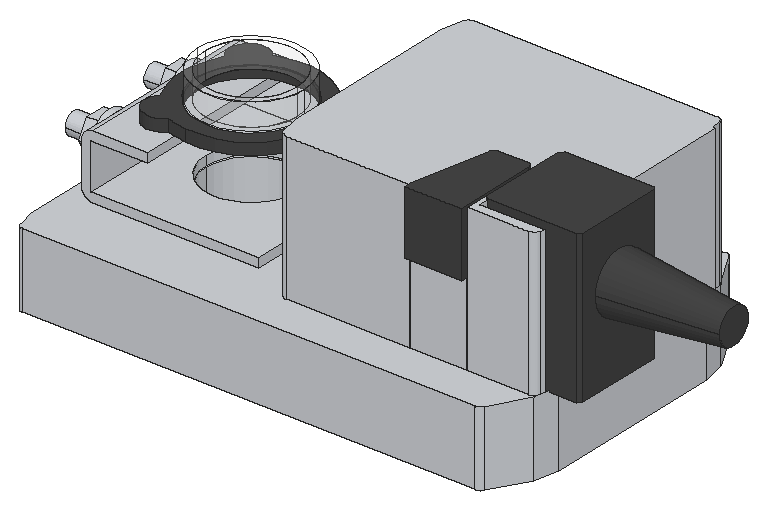
Revit family "ダンパ操作器", category Electrical Equipment, Revit 2022
Family settings
  Panel Configuration = Two Columns, Circuits Across
  Round Connector Dimension = Use Diameter
  Part Type = Panelboard
  Work Plane-Based = No
  Always vertical = Yes
  Cut with Voids When Loaded = No
  Maintain Annotation Orientation = No
  Shared = No
  Room Calculation Point = No
Parameters
  直径 [instance] = 10 mm
  Default Elevation = 0 mm
  ダクトφ [instance] = 25.998 mm
Reference planes
  plane 1 "中心(正面/背面)": y = 0
  plane 2: z = 0
  plane 3 "中心(左/右)": x = 0
Forms (mm)
  Extrusion 1, solid
    sketch origin (0, 0, 0) x (1, 0, 0) y (0, 1, 0)
      loop
        line (99.773, 44.001) -> (-26.936, 44.001)
        arc (-26.936, 44.001) -> (-28.194, 43.556) -> (-28.892, 42.419) r 1.998
        line (-28.892, 42.419) -> (-30, 37.202) -> (-30, -37.198) -> (-28.892, -42.414)
        arc (-28.892, -42.414) -> (-28.428, -43.534) -> (-27.308, -43.998) r 1.584
        line (-27.308, -43.998) -> (99.693, -43.998)
        arc (99.693, -43.998) -> (100.892, -43.676) -> (101.771, -42.798) r 2.399
        line (101.771, -42.798) -> (107.554, -32.781) -> (109.005, -25.953) -> (109.005, 25.958) -> (107.554, 32.785) -> (101.771, 42.803)
        arc (101.771, 42.803) -> (100.927, 43.66) -> (99.773, 44.001) r 2.399
    from 0 to 21
  Extrusion 2, solid
    sketch origin (0, 250.898, 0) x (1, 0, 0) y (0, 1, 0)
      loop
        line (105.888, -217.394) -> (37.647, -217.394)
        arc (37.647, -217.394) -> (36.389, -217.839) -> (35.692, -218.977) r 1.999
        line (35.692, -218.977) -> (34.406, -225.023) -> (34.406, -275.754) -> (35.692, -281.8)
        arc (35.692, -281.8) -> (36.389, -282.938) -> (37.647, -283.383) r 1.999
        line (37.647, -283.383) -> (72.327, -283.383) -> (76.964, -261.569)
        arc (76.964, -261.569) -> (77.662, -260.433) -> (78.92, -259.988) r 2
        line (78.92, -259.988) -> (86.4, -259.988)
        arc (86.4, -259.988) -> (87.814, -260.574) -> (88.4, -261.988) r 2
        line (88.4, -261.988) -> (88.4, -283.383) -> (105.888, -283.383)
        arc (105.888, -283.383) -> (107.146, -282.938) -> (107.844, -281.8) r 1.999
        line (107.844, -281.8) -> (108.082, -280.681) -> (89.897, -280.681) -> (89.897, -251.681) -> (108.998, -251.681) -> (108.998, -222.079) -> (108.37, -221.451) -> (107.855, -218.975)
        arc (107.855, -218.975) -> (107.155, -217.832) -> (105.888, -217.394) r 1.986
    from 21 to 62
  Extrusion 3, solid, material "プラスチック"
    sketch origin (0, 250.898, 0) x (1, 0, 0) y (0, 1, 0)
      loop
        line (90.298, -278.688) -> (91.298, -279.688) -> (116.298, -279.688) -> (117.298, -278.689) -> (117.298, -253.688) -> (116.298, -252.688) -> (91.298, -252.688) -> (90.298, -253.688) -> (90.298, -278.688)
    from 21 to 63.4
  Blend 4, solid, material "プラスチック"
    base sketch origin (-132.702, 454.065, 0) x (0, 1, 0) y (0, 0, 1)
      loop
        circle (-469.356, 45.9) r 5
    top sketch origin (0, 454.065, 0) x (0, 1, 0) y (0, 0, 1)
      loop
        circle (-469.356, 45.9) r 8.433
    from 282.301 to 117.298
  Extrusion 5, solid, material "プラスチック"
    sketch origin (0, 250.898, 0) x (1, 0, 0) y (0, 1, 0)
      loop
        arc (78.92, -259.988) -> (77.662, -260.433) -> (76.964, -261.569) r 2
        line (76.964, -261.569) -> (72.4, -283.041) -> (72.4, -285.21) -> (88.4, -285.21) -> (88.4, -261.988)
        arc (88.4, -261.988) -> (87.814, -260.574) -> (86.4, -259.988) r 2
        line (86.4, -259.988) -> (78.92, -259.988)
    from 44.334 to 62.4
  Extrusion 6, solid
    sketch origin (0, 250.898, 0) x (1, 0, 0) y (0, 1, 0)
      loop
        arc (78.913, -259.888) -> (77.511, -260.293) -> (76.724, -261.522) r 2.071
        line (76.724, -261.522) -> (72.327, -283.383) -> (88.483, -283.383) -> (88.639, -261.988)
        arc (88.639, -261.988) -> (87.983, -260.405) -> (86.401, -259.75) r 2.238
        line (86.401, -259.75) -> (78.913, -259.888)
    from 21 to 44.334
  Extrusion 7, solid, material "プラスチック(クリア)"
    sketch origin (0, 2.375, 0) x (1, 0, 0) y (0, 1, 0)
      loop
        circle (0, 0) r 15
      loop
        circle (-0.001, 0) r 13
    from 42.9 to 50.45
  Extrusion 8, solid, material "プラスチック"
    sketch origin (0, 252.763, 0) x (1, 0, 0) y (0, 1, 0)
      loop
        arc (-8.884, -232.019) -> (-16.303, -231.549) -> (-16.755, -238.969) r 5.25
        line (-16.755, -238.969) -> (-18.506, -244.242)
        arc (-18.506, -244.242) -> (-19.126, -246.588) -> (-19.45, -248.992) r 19.5
        arc (-19.45, -248.992) -> (-19.349, -252.81) -> (-18.506, -256.535) r 19.5
        line (-18.506, -256.535) -> (-16.755, -261.807)
        arc (-16.755, -261.807) -> (-16.303, -269.228) -> (-8.884, -268.758) r 5.25
        line (-8.884, -268.758) -> (-2.944, -269.665)
        arc (-2.944, -269.665) -> (19.5, -250.388) -> (-2.944, -231.112) r 19.5
        line (-2.944, -231.112) -> (-8.884, -232.019)
      loop
        circle (0, -250.388) r 15.491
    from 39.5 to 42.9
  Extrusion 9, solid
    sketch origin (0, 0, 0) x (1, 0, 0) y (0, 0, 1)
      loop
        line (-6.5, 39.5) -> (-22, 39.5)
        arc (-22, 39.5) -> (-24.121, 38.621) -> (-25, 36.5) r 3
        line (-25, 36.5) -> (-25, 24.5)
        arc (-25, 24.5) -> (-24.121, 22.379) -> (-22, 21.5) r 3
        line (-22, 21.5) -> (24.765, 21.5) -> (24.765, 24) -> (-22.5, 24) -> (-22.5, 37) -> (-6.5, 37) -> (-6.5, 39.5)
    from -26.002 to 25.953
  Extrusion 10, solid
    sketch origin (0, 0, 0) x (0, 1, 0) y (0, 0, 1)
      loop
        circle (13.802, 31) r 7
      loop
        circle (13.802, 31) r 3
    from -27 to -25
  Extrusion 11, solid
    sketch origin (0, 0, 0) x (0, 1, 0) y (0, 0, 1)
      loop
        line (8.068, 31) -> (10.935, 26.035) -> (16.668, 26.035) -> (19.535, 31) -> (16.668, 35.965) -> (10.935, 35.965) -> (8.068, 31)
    from -27 to -31
  Extrusion 12, solid
    sketch origin (0, 0, 0) x (0, 1, 0) y (0, 0, 1)
      loop
        circle (13.802, 31) r 3
    from -31 to -37
  Extrusion 13, solid
    sketch origin (0, -27.6, 0) x (0, 1, 0) y (0, 0, 1)
      loop
        circle (13.802, 31) r 7
      loop
        circle (13.802, 31) r 3
    from -27 to -25
  Extrusion 14, solid
    sketch origin (0, -27.6, 0) x (0, 1, 0) y (0, 0, 1)
      loop
        line (8.068, 31) -> (10.935, 26.035) -> (16.668, 26.035) -> (19.535, 31) -> (16.668, 35.965) -> (10.935, 35.965) -> (8.068, 31)
    from -27 to -31
  Extrusion 15, solid
    sketch origin (0, -27.6, 0) x (0, 1, 0) y (0, 0, 1)
      loop
        circle (13.802, 31) r 3
    from -31 to -37
  Extrusion 16, void
    sketch origin (0, 0, 0) x (1, 0, 0) y (0, 1, 0)
      loop
        circle (-0.002, 2.375) r 12.999
    from 0 to 24
Cuts and joins
  Extrusion 16 cuts Extrusion 1
  Extrusion 16 cuts Extrusion 9
Dimensions and locks
  "直径": diameter of Blend 4 sketch curve
  "ダクトφ": diameter of Extrusion 16 sketch curve
  aligned and locked: level to plane 2
Automatic sketch dimensions
  Extrusion 1 sketch curve to plane 3 "中心(左/右)" = 30 mm
  Extrusion 1 sketch curve to Extrusion 1 sketch curve = 1.109 mm  (x2)
  Extrusion 1 sketch curve to Extrusion 1 sketch curve = 1.584 mm
  Extrusion 1 sketch curve to Extrusion 1 sketch curve = 1.954 mm
  Extrusion 1 sketch curve to Extrusion 1 sketch curve = 0.002 mm
  Extrusion 1 sketch curve to plane 1 "中心(正面/背面)" = 41.603 mm
  plane 3 "中心(左/右)" to Extrusion 1 sketch curve = 99.693 mm
  plane 1 "中心(正面/背面)" to Extrusion 1 sketch curve = 41.599 mm
  Extrusion 1 sketch curve to Extrusion 1 sketch curve = 0 mm
  Extrusion 1 sketch curve to Extrusion 1 sketch curve = 0.08 mm
  plane 1 "中心(正面/背面)" to Extrusion 1 sketch curve = 42.798 mm
  Extrusion 1 sketch curve to Extrusion 1 sketch curve = 2.078 mm
  Extrusion 1 sketch curve to plane 1 "中心(正面/背面)" = 42.803 mm
  Extrusion 1 sketch curve to Extrusion 1 sketch curve = 1.997 mm
  Extrusion 1 sketch curve to plane 1 "中心(正面/背面)" = 32.785 mm
  Extrusion 1 sketch curve to Extrusion 1 sketch curve = 5.783 mm  (x2)
  plane 1 "中心(正面/背面)" to Extrusion 1 sketch curve = 32.781 mm
  plane 1 "中心(正面/背面)" to Extrusion 1 sketch curve = 25.953 mm
  Extrusion 1 sketch curve to Extrusion 1 sketch curve = 1.451 mm
  Extrusion 1 sketch curve to Extrusion 1 sketch curve = 5.216 mm
  Extrusion 1 sketch curve to Extrusion 1 sketch curve = 6.828 mm
  Extrusion 1 sketch curve to Extrusion 1 sketch curve = 6.799 mm
  Extrusion 1 sketch curve to Extrusion 1 sketch curve = 1.998 mm
  plane 3 "中心(左/右)" to Extrusion 2 sketch curve = 34.406 mm
  Extrusion 2 sketch curve to Extrusion 2 sketch curve = 1.285 mm  (x2)
  Extrusion 2 sketch curve to Extrusion 2 sketch curve = 1.956 mm  (x3)
  plane 1 "中心(正面/背面)" to Extrusion 2 sketch curve = 32.485 mm
  Extrusion 2 sketch curve to Extrusion 2 sketch curve = 34.68 mm
  plane 1 "中心(正面/背面)" to Extrusion 2 sketch curve = 10.67 mm
  Extrusion 2 sketch curve to Extrusion 2 sketch curve = 4.637 mm
  Extrusion 2 sketch curve to Extrusion 2 sketch curve = 1.955 mm
  Extrusion 2 sketch curve to Extrusion 2 sketch curve = 7.48 mm
  Extrusion 2 sketch curve to Extrusion 2 sketch curve = 16.073 mm
  plane 1 "中心(正面/背面)" to Extrusion 2 sketch curve = 0.782 mm
  Extrusion 2 sketch curve to Extrusion 2 sketch curve = 3.497 mm
  Extrusion 2 sketch curve to Extrusion 2 sketch curve = 15.991 mm  (x2)
  Extrusion 2 sketch curve to Extrusion 2 sketch curve = 0.022 mm
  plane 1 "中心(正面/背面)" to Extrusion 2 sketch curve = 30.901 mm
  Extrusion 2 sketch curve to plane 1 "中心(正面/背面)" = 31.923 mm
  Extrusion 2 sketch curve to Extrusion 2 sketch curve = 1.944 mm
  Extrusion 2 sketch curve to Extrusion 2 sketch curve = 0.238 mm
  Extrusion 2 sketch curve to plane 1 "中心(正面/背面)" = 29.448 mm
  Extrusion 2 sketch curve to Extrusion 2 sketch curve = 0.515 mm
  Extrusion 2 sketch curve to Extrusion 2 sketch curve = 19.101 mm
  Extrusion 2 sketch curve to Extrusion 2 sketch curve = 0 mm
  Extrusion 2 sketch curve to Extrusion 2 sketch curve = 1.584 mm
  Extrusion 2 sketch curve to Extrusion 2 sketch curve = 1.119 mm
  Extrusion 2 sketch curve to Extrusion 2 sketch curve = 6.046 mm
  Extrusion 2 sketch curve to Extrusion 2 sketch curve = 10.308 mm
  Extrusion 2 sketch curve to plane 1 "中心(正面/背面)" = 25.875 mm
  Extrusion 2 sketch curve to Extrusion 2 sketch curve = 0.629 mm
  Extrusion 2 sketch curve to Extrusion 2 sketch curve = 5.63 mm
  Extrusion 2 sketch curve to Extrusion 2 sketch curve = 0.404 mm
  plane 1 "中心(正面/背面)" to Extrusion 3 sketch curve = 27.79 mm
  plane 3 "中心(左/右)" to Extrusion 3 sketch curve = 90.298 mm
  Extrusion 3 sketch curve to Extrusion 3 sketch curve = 1 mm  (x5)
  plane 1 "中心(正面/背面)" to Extrusion 3 sketch curve = 1.79 mm
  Extrusion 3 sketch curve to Extrusion 3 sketch curve = 24.999 mm  (x2)
  plane 1 "中心(正面/背面)" to Extrusion 3 sketch curve = 27.791 mm
  Extrusion 3 sketch curve to Extrusion 3 sketch curve = 0.999 mm
  plane 1 "中心(正面/背面)" to Blend 4 sketch curve = 15.29 mm  (x2)
  level to Blend 4 sketch curve = 45.9 mm  (x2)
  plane 1 "中心(正面/背面)" to Extrusion 5 sketch curve = 34.311 mm
  plane 3 "中心(左/右)" to Extrusion 5 sketch curve = 72.4 mm
  plane 1 "中心(正面/背面)" to Extrusion 5 sketch curve = 10.67 mm
  Extrusion 5 sketch curve to Extrusion 5 sketch curve = 4.564 mm
  Extrusion 5 sketch curve to Extrusion 5 sketch curve = 1.955 mm
  Extrusion 5 sketch curve to Extrusion 5 sketch curve = 7.48 mm
  Extrusion 5 sketch curve to Extrusion 5 sketch curve = 2 mm
  Extrusion 5 sketch curve to Extrusion 5 sketch curve = 0.42 mm
  Extrusion 5 sketch curve to Extrusion 5 sketch curve = 2.169 mm
  plane 1 "中心(正面/背面)" to Extrusion 6 sketch curve = 32.485 mm
  plane 3 "中心(左/右)" to Extrusion 6 sketch curve = 72.327 mm
  plane 1 "中心(正面/背面)" to Extrusion 6 sketch curve = 10.624 mm
  Extrusion 6 sketch curve to Extrusion 6 sketch curve = 4.397 mm
  Extrusion 6 sketch curve to Extrusion 6 sketch curve = 2.026 mm
  plane 1 "中心(正面/背面)" to Extrusion 6 sketch curve = 8.99 mm
  Extrusion 6 sketch curve to Extrusion 6 sketch curve = 0.163 mm
  plane 1 "中心(正面/背面)" to Extrusion 6 sketch curve = 8.851 mm
  Extrusion 6 sketch curve to Extrusion 6 sketch curve = 7.488 mm
  Extrusion 6 sketch curve to Extrusion 6 sketch curve = 16.155 mm
  plane 1 "中心(正面/背面)" to Extrusion 6 sketch curve = 11.089 mm
  Extrusion 7 sketch curve to plane 3 "中心(左/右)" = 0 mm
  Extrusion 7 sketch curve to plane 3 "中心(左/右)" = 0.001 mm
  Extrusion 7 sketch curve to plane 1 "中心(正面/背面)" = 2.375 mm
  Extrusion 7 sketch curve to Extrusion 7 sketch curve = 0 mm
  Extrusion 8 sketch curve to Extrusion 8 sketch curve = 0 mm  (x14)
  Extrusion 8 sketch curve to plane 3 "中心(左/右)" = 16.755 mm  (x2)
  Extrusion 8 sketch curve to Extrusion 8 sketch curve = 3.927 mm  (x2)
  Extrusion 8 sketch curve to Extrusion 8 sketch curve = 3.944 mm  (x2)
  Extrusion 8 sketch curve to plane 3 "中心(左/右)" = 2.944 mm  (x2)
  plane 3 "中心(左/右)" to Extrusion 8 sketch curve = 0 mm
  plane 1 "中心(正面/背面)" to Extrusion 8 sketch curve = 16.901 mm
  Extrusion 8 sketch curve to Extrusion 8 sketch curve = 0.907 mm
  Extrusion 8 sketch curve to Extrusion 8 sketch curve = 3.465 mm
  Extrusion 8 sketch curve to plane 1 "中心(正面/背面)" = 2.375 mm
  Extrusion 8 sketch curve to plane 1 "中心(正面/背面)" = 13.794 mm
  Extrusion 8 sketch curve to Extrusion 8 sketch curve = 3.485 mm
  Extrusion 8 sketch curve to Extrusion 8 sketch curve = 1.751 mm  (x2)
  plane 1 "中心(正面/背面)" to Extrusion 8 sketch curve = 3.771 mm
  Extrusion 8 sketch curve to plane 1 "中心(正面/背面)" = 8.521 mm
  Extrusion 8 sketch curve to plane 1 "中心(正面/背面)" = 3.771 mm
  Extrusion 8 sketch curve to Extrusion 8 sketch curve = 0.944 mm
  Extrusion 9 sketch curve to plane 3 "中心(左/右)" = 25 mm
  Extrusion 9 sketch curve to Extrusion 9 sketch curve = 2.5 mm  (x3)
  Extrusion 9 sketch curve to Extrusion 9 sketch curve = 0.5 mm  (x2)
  Extrusion 9 sketch curve to plane 3 "中心(左/右)" = 6.5 mm
  plane 3 "中心(左/右)" to Extrusion 9 sketch curve = 24.765 mm
  level to Extrusion 9 sketch curve = 21.5 mm
  Extrusion 9 sketch curve to Extrusion 9 sketch curve = 12 mm
  Extrusion 10 sketch curve to Extrusion 10 sketch curve = 0 mm  (x2)
  Extrusion 10 sketch curve to plane 1 "中心(正面/背面)" = 13.802 mm
  level to Extrusion 10 sketch curve = 31 mm
  Extrusion 11 sketch curve to plane 1 "中心(正面/背面)" = 8.068 mm
  Extrusion 11 sketch curve to Extrusion 11 sketch curve = 2.867 mm  (x3)
  Extrusion 11 sketch curve to Extrusion 11 sketch curve = 5.733 mm  (x2)
  level to Extrusion 11 sketch curve = 26.035 mm
  Extrusion 11 sketch curve to Extrusion 11 sketch curve = 4.965 mm  (x3)
  Extrusion 12 sketch curve to Extrusion 12 sketch curve = 0 mm  (x2)
  Extrusion 12 sketch curve to plane 1 "中心(正面/背面)" = 13.802 mm
  level to Extrusion 12 sketch curve = 31 mm
  Extrusion 12 sketch curve to Extrusion 12 sketch curve = 3 mm
  Extrusion 13 sketch curve to Extrusion 13 sketch curve = 0 mm  (x2)
  plane 1 "中心(正面/背面)" to Extrusion 13 sketch curve = 13.798 mm
  level to Extrusion 13 sketch curve = 31 mm
  plane 1 "中心(正面/背面)" to Extrusion 14 sketch curve = 19.532 mm
  Extrusion 14 sketch curve to Extrusion 14 sketch curve = 2.867 mm  (x3)
  Extrusion 14 sketch curve to Extrusion 14 sketch curve = 5.733 mm  (x2)
  level to Extrusion 14 sketch curve = 26.035 mm
  Extrusion 14 sketch curve to Extrusion 14 sketch curve = 4.965 mm  (x3)
  Extrusion 15 sketch curve to Extrusion 15 sketch curve = 0 mm  (x2)
  plane 1 "中心(正面/背面)" to Extrusion 15 sketch curve = 13.798 mm
  level to Extrusion 15 sketch curve = 31 mm
  Extrusion 15 sketch curve to Extrusion 15 sketch curve = 3 mm
  Extrusion 16 sketch curve to plane 3 "中心(左/右)" = 0.002 mm
  Extrusion 16 sketch curve to plane 1 "中心(正面/背面)" = 2.375 mm
  radius of Blend 4 sketch curve = 8.433 mm
  radius of Extrusion 7 sketch curve = 15 mm
  radius of Extrusion 7 sketch curve = 13 mm
  radius of Extrusion 8 sketch curve = 15.491 mm
  radius of Extrusion 10 sketch curve = 7 mm
  radius of Extrusion 10 sketch curve = 3 mm
  radius of Extrusion 13 sketch curve = 7 mm
  radius of Extrusion 13 sketch curve = 3 mm
Connectors
  cabletrayconduit at (149.598, -15.29, 45.9), diameter 10, driven by "直径"
    settings: on Blend 4, index 1, connector width 300 mm, connector height 300 mm, connector angle 0.00°, system type 32, placement type 0, profile type 0, connector reference index -1, is primary connector yes, connector utility param no, connector description ""
  electrical at (47.436, 0.002, 21)
    settings: on Extrusion 1, index 2, voltage 0 V, apparent load 0 VA, apparent load phase1 0 VA, apparent load phase2 0 VA, apparent load phase3 0 VA, power factor 1, load classification "その他", number of poles 1, system type 14, power factor state 1, is connector primary yes, connector utility no, sub classification motor no, connector description ""
  hvac at (-0.002, 2.375, 24), driven by "ダクトφ"
    settings: on cut or joined group of Extrusion 9, Extrusion 16, index 3, duct flow 0.0 L/s, flow factor 0, pres drop 0.0 Pa, loss coef 0, conn angle 0.00°, conn width 304.8 mm, conn height 304.8 mm, conn diameter 25.998 mm, duct sys type 29, conn prof type 0, flow config 0, flow direction 0, loss method 0, conn ref index -1, conn util no, is conn primary yes, conn desc ""
